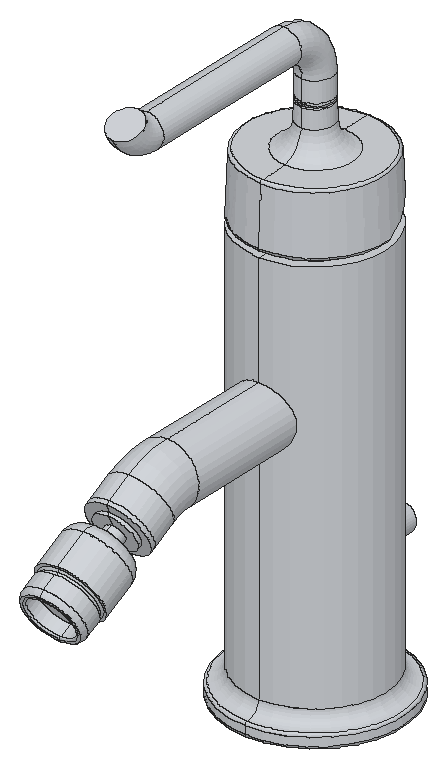
Revit family "Faucet-Bidet-KOHLER-Purist-14434W_1", category Plumbing Fixtures, host Face, Revit 2017
Family settings
  Host = Face
  Round Connector Dimension = Use Diameter
  Part Type = Normal
  OmniClass Number = 23.31.11.00
  OmniClass Title = Faucets
  Cut with Voids When Loaded = No
  Shared = No
  Room Calculation Point = No
Parameters (values of type "Smile Handle, CP-Polished Chrome")
  Width = 2 1/4"  # constant formula
  WaterSense Certified = 1 = 0  # no
  Waste Water Outlet = "Waste Water Outlet"  # constant formula
  Waste Connection = 1 = 0  # no
  Vent Connection = 1 = 0  # no
  URL = "https://www.kohler.co.uk/"
  Type = 1
  Straight Handle = Type = 2  # no
  Spout Reach = 4 1/4"  # constant formula
  Smile Handle = Type = 1  # yes
  Product Page URL = "https://www.kohler.co.uk/taps/bidet-mixers/purist-single-lever-monobloc-bidet-mixer-smile-handle/"
  Product Name = "Purist"  # constant formula
  Product Documentation Link = ""
  Pressure = 0.00 psi
  Model = if(Type = 1, "14434W-4-CP", if(Type = 2, "14434W-4A-CP", "NA"))  # "14434W-4-CP"
  Material = "Brass Construction"  # constant formula
  Master Format 2014 = "22.41.39"  # constant formula
  Master Format 2014 Name = "Residential Faucets, Supplies, and Trim"  # constant formula
  Manufacturer Address = "Cromwell Road, Cheltenham, Gloucestershire. GL52 5EP Registered in England No. 252115\r\n"  # constant formula
  Manufacturer = "KOHLER Co."  # constant formula
  Length = Spout Reach  # 4 1/4"
  Hot Water Inlet = "Hot Water Inlet"  # constant formula
  Height = 8"  # constant formula
  Handle Clearance = if(Straight Handle, 3 1/8", 3 1/16")  # 3 1/16"
  HW Connection = 1 = 1  # yes
  Flow Rate = 0 GPM
  Finish = Kohler-Metal-CP-Polished_Chrome
  Environmental Product Declaration = ""
  Drain Included = 1 = 1  # yes
  Description = if(Straight Handle, "Single-lever monobloc bidet mixer, straight handle", "Single-lever monobloc bidet mixer, smile handle")  # "Single-lever monobloc bidet mixer, smile handle"
  Default Elevation = 36"
  Declare Label = ""
  Date Modified = "07/28/2020"  # constant formula
  Date Created = "07/28/2020"  # constant formula
  Copyright = "Copyright KOHLER Co."  # constant formula
  Contact Us = "https://www.kohler.co.uk/support/contact/"
  Cold Water Inlet = "Cold Water Inlet"  # constant formula
  CW Connection = 1 = 1  # yes
  Assembly Code = "D2010"
  ADA Compliant = 1 = 0  # no
Types (3): name | Type | Straight Handle | Smile Handle | Product Page URL | Model | Handle Clearance | Description
  (no name) | 1 | no | yes | "https://www.kohler.co.uk/taps/bidet-mixers/purist-single-lever-monobloc-bidet-mixer-smile-handle/" | "14434W-4-CP" | 3 1/16" | "Single-lever monobloc bidet mixer, smile handle"
  Straight Handle, CP-Polished Chrome | 2 | yes | no | "https://www.kohler.co.uk/taps/bidet-mixers/purist-single-lever-monobloc-bidet-mixer-straight-handle/" | "14434W-4A-CP" | 3 1/8" | "Single-lever monobloc bidet mixer, straight handle"
  Smile Handle, CP-Polished Chrome | 1 | no | yes | "https://www.kohler.co.uk/taps/bidet-mixers/purist-single-lever-monobloc-bidet-mixer-smile-handle/" | "14434W-4-CP" | 3 1/16" | "Single-lever monobloc bidet mixer, smile handle"
Reference planes (in)
  plane 1 "Center (Front/Back)": y = 0
  plane 2: z = 0
  plane 3 "Center (Left/Right)": x = 0
  plane 4: y = -1.0625
  plane 5: y = 1.06195
  plane 6: x = -1.125
  plane 7: x = 1.125
  plane 8: z = 2.375
  plane 9: y = -4.25
  plane 10: z = 8
  plane 11: y = -3.0625
  plane 12: y = 1.39
  plane 13: y = 1.125
  plane 14: y = -4.44219
  plane 15: x = -0.40605
  plane 16: x = 0.40605
  plane 17: x = -0.21977
  plane 18: x = 0.21977
  plane 19: z = 0.17048
  plane 20: x = -0.91003
  plane 21: x = 0.91003
  plane 22: z = 6.32845
  plane 23: y = -1.125
  plane 24: y = 0.91051
  plane 25: y = -0.91051
  plane 26: z = 3.199
  plane 27: z = 4.011
  plane 28: z = 5.45506
  plane 29: x = -0.33336
  plane 30: x = 0.33336
Dimensions and locks (in)
  "Width": plane 6 to plane 7
  "Length": plane 9 to plane 1 "Center (Front/Back)"
  level to plane 8 = 2 3/8"
  "Height": plane 10 to level
  "Handle Clearance": plane 1 "Center (Front/Back)" to plane 11
  "Spout Reach": plane 1 "Center (Front/Back)" to plane 9
  aligned and locked: plane 2 to host face
  aligned and locked: level to host face
Automatic sketch dimensions
  host sketch curve to host sketch curve = 96"  (x2)
Nested families (in)
  nested 1: "14434W" at (0, 0, 0), type "14434W"
Connectors (in)
  piping at (-0.33336, 0, 0), diameter 0.375, driven by "Flow Rate", driven by "Pressure", driven by "HW Connection", driven by "Hot Water Inlet"
    settings: on nested 1, index 1, connector inside diameter 24", connector length 0", flow factor 0, pipe flow 0 GPM, pressure drop 0.00 psi, fitting loss kfactor 0, connector angle 0.00°, fixture units 0, engagement length 0", angle of deflection 0.00°, flow configuration 0, flow direction 1, fitting loss method 0, system type 19, joint type 0, gender type 0, connector reference index -1, connector utility 1, adjustable connector no, is connector primary yes, connector description "Hot Water Inlet"
  piping at (0.33336, 0, 0), diameter 0.375, driven by "Cold Water Inlet", driven by "CW Connection", driven by "Flow Rate"
    settings: on nested 1, index 2, connector inside diameter 24", connector length 0", flow factor 0, pipe flow 0 GPM, pressure drop 0.00 psi, fitting loss kfactor 0, connector angle 0.00°, fixture units 0, engagement length 0", angle of deflection 0.00°, flow configuration 0, flow direction 1, fitting loss method 0, system type 20, joint type 0, gender type 0, connector reference index -1, connector utility 1, adjustable connector no, is connector primary no, connector description "Cold Water Inlet"
Definition of nested family "14434W"
  Parameters (values of type "14434W")
    straight lever handle = no
    smile design handle = yes
    Material = none
  Reference planes (in)
    plane 1 "Center (Front/Back)": y = 0
    plane 2: z = 0
    plane 3 "Center (Left/Right)": x = 0
    plane 4: y = 1.125
    plane 5: x = 1.125
    plane 6: x = -1.125
    plane 7: y = -1.125
    plane 8: y = -4.25
    plane 9: z = 2.375
    plane 10: z = 8
    plane 11: z = 2.70239
    plane 12: y = 1.39
    plane 13: y = -3.0625
    plane 14: x = -0.33336
  Forms (in)
    Revolve 1, solid, material <- "Material", detail levels medium+fine
      sketch origin (0, 0, 0) x (0, 1, 0) y (0, 0, 1)
        loop
          line (0, 5.785) -> (0, 0) -> (1.09375, 0)
          arc (1.09375, 0) -> (1.11585, 0.00915) -> (1.125, 0.03125) r 0.03125
          line (1.125, 0.03125) -> (1.125, 0.13874)
          arc (1.125, 0.13874) -> (1.11534, 0.16154) -> (1.09225, 0.17048) r 0.03176
          arc (1.09225, 0.17048) -> (0.96373, 0.22022) -> (0.91, 0.34712) r 0.17672
          line (0.91, 0.34712) -> (0.91, 5.455) -> (0.7776, 5.455)
          arc (0.7776, 5.455) -> (0.73342, 5.4733) -> (0.71512, 5.51747) r 0.06247
          line (0.71512, 5.51747) -> (0.71512, 5.77456) -> (0.68098, 5.785) -> (0, 5.785)
        axis (0, 5.785) -> (0, 0)
      angle from 0 to 360
    Revolve 2, solid, material <- "Material", detail levels medium+fine
      sketch origin (0, 0, 0) x (0, 1, 0) y (0, 0, 1)
        loop
          line (-0.88021, 5.52346) -> (0, 5.52346) -> (0, 6.95624) -> (-0.21977, 6.95624) -> (-0.21977, 6.92457)
          arc (-0.21977, 6.92457) -> (-0.21372, 6.90977) -> (-0.19903, 6.90346) r 0.02111
          arc (-0.19903, 6.90346) -> (-0.21348, 6.89779) -> (-0.21972, 6.88357) r 0.02034
          line (-0.21972, 6.88357) -> (-0.22473, 6.65683)
          arc (-0.22473, 6.65683) -> (-0.29611, 6.45225) -> (-0.47398, 6.32851) r 0.35115
          line (-0.47398, 6.32851) -> (-0.85016, 6.32851)
          arc (-0.85016, 6.32851) -> (-0.87263, 6.31943) -> (-0.88248, 6.2973) r 0.03234
          line (-0.88248, 6.2973) -> (-0.90848, 5.55274)
          arc (-0.90848, 5.55274) -> (-0.90056, 5.5321) -> (-0.88021, 5.52346) r 0.02829
        axis (0, 6.95624) -> (0, 5.52346)
      angle from 0 to 360
    Sweep 3, solid, material <- "Material", visible <- "straight lever handle", detail levels medium+fine
      path origin (0, 0.13592, 0) x (0, 1, 0) y (0, 0, 1)
        loop
          line (-0.13592, 6.95624) -> (-0.13592, 7.21886)
          arc (-0.13592, 7.21886) -> (-0.30067, 7.6166) -> (-0.69842, 7.78136) r 0.5625
          line (-0.69842, 7.78136) -> (-3.26092, 7.78136)
      profile origin (0, 0, 7.08755) x (0, -1, 0) y (1, 0, 0)
        loop
          circle (0, 0) r 0.21977
    Revolve 4, solid, material <- "Material", detail levels medium+fine
      sketch origin (0, 0, 0) x (0, 1, 0) y (0, 0, 1)
        loop
          line (0.18545, 1.453) -> (1.33993, 1.453)
          arc (1.33993, 1.453) -> (1.35285, 1.53104) -> (1.39, 1.60088) r 0.2446
          line (1.39, 1.60088) -> (1.39, 1.6405) -> (0.18545, 1.6405) -> (0.18545, 1.453)
        axis (1.39, 1.453) -> (0.18545, 1.453)
      angle from 0 to 360
    Revolve 5, solid, material <- "Material", detail levels medium+fine
      sketch origin (0, 0, 0) x (0, 1, 0) y (0, 0, 1)
        loop
          line (-4.09395, 2.83577) -> (-3.128, 3.33861) -> (-3.31547, 3.69874) -> (-3.36869, 3.67103) -> (-3.31109, 3.56038) -> (-3.35267, 3.53873) -> (-3.28004, 3.39922) -> (-3.36211, 3.3565) -> (-3.39926, 3.36808) -> (-3.41408, 3.39655) -> (-3.46133, 3.40068) -> (-3.48101, 3.4385)
          arc (-3.48101, 3.4385) -> (-3.59, 3.52996) -> (-3.73173, 3.51756) r 0.18589
          line (-3.73173, 3.51756) -> (-4.14873, 3.30048) -> (-4.13187, 3.26811) -> (-4.14037, 3.23284) -> (-4.18183, 3.20381) -> (-4.19751, 3.23394) -> (-4.38263, 3.13757)
          arc (-4.38263, 3.13757) -> (-4.41838, 3.10972) -> (-4.44187, 3.07096) r 0.1252
          line (-4.44187, 3.07096) -> (-4.42501, 3.03859)
          arc (-4.42501, 3.03859) -> (-4.41291, 3.02843) -> (-4.39718, 3.02981) r 0.02064
          line (-4.39718, 3.02981) -> (-4.23808, 3.11263) -> (-4.09395, 2.83577)
        axis (-3.128, 3.33861) -> (-4.27136, 2.74342)
      angle from 0 to 360
    Sweep 6, solid, material <- "Material", detail levels medium+fine
      path origin (0, 0, 0) x (0, 1, 0) y (0, 0, 1)
        loop
          line (-0.725, 3.605) -> (-2.38622, 3.605)
          arc (-2.38622, 3.605) -> (-2.60968, 3.57806) -> (-2.82033, 3.49877) r 0.94015
          line (-2.82033, 3.49877) -> (-3.128, 3.33861)
      profile origin (0, -2.97416, 3.41869) x (0, -0.461749, 0.887011) y (1, 0, 0)
        loop
          circle (0, 0) r 0.406
    Revolve 7, solid, material <- "Material", detail levels medium+fine
      sketch origin (0, 0, 0) x (0, 1, 0) y (0, 0, 1)
        loop
          line (0.49373, 6.10346) -> (0.91478, 6.10346)
          arc (0.91478, 6.10346) -> (0.91055, 6.18051) -> (0.89778, 6.25661) r 0.69394
          arc (0.89778, 6.25661) -> (0.87367, 6.27379) -> (0.85394, 6.25173) r 0.02219
          line (0.85394, 6.25173) -> (0.85394, 6.21276) -> (0.49373, 6.21276) -> (0.49373, 6.10346)
        axis (0.91478, 6.10346) -> (0.49373, 6.10346)
      angle from 0 to 360
    Extrusion 8, void
      sketch origin (0, 0, 0) x (1, 0, 0) y (0, 0, 1)
        loop
          circle (0.00004, 6.10377) r 0.18133
        loop
          line (0.203, 1.45135) -> (0.203, 3.17132)
          arc (0.203, 3.17132) -> (0, 3.37432) -> (-0.203, 3.17132) r 0.203
          line (-0.203, 3.17132) -> (-0.203, 1.45135)
          arc (-0.203, 1.45135) -> (0, 1.24835) -> (0.203, 1.45135) r 0.203
      from -0.97642 to -0.4265
    Extrusion 9, void
      sketch origin (0, 0, 0) x (0, 1, 0) y (0, 0, 1)
        loop
          line (0.95087, 5.81346) -> (0.68334, 5.81346)
          arc (0.68334, 5.81346) -> (0.65205, 5.81018) -> (0.62213, 5.80045) r 0.15048
          line (0.62213, 5.80045) -> (-0.15377, 5.455) -> (0.95087, 5.455) -> (0.95087, 5.81346)
      from -1.1027 to 0.96308
    Revolve 10, solid, material <- "Material", detail levels coarse
      sketch origin (0, 0, 0) x (0, 1, 0) y (0, 0, 1)
        loop
          line (0, 6.32851) -> (0, 0) -> (1.125, 0) -> (1.125, 0.17054) -> (0.91, 0.17054) -> (0.91, 6.32851) -> (0, 6.32851)
        axis (0, 6.32851) -> (0, 0)
      angle from 0 to 360
    Revolve 11, solid, material <- "Material", detail levels coarse
      sketch origin (0, 0, 0) x (0, 1, 0) y (0, 0, 1)
        loop
          line (1.39, 1.453) -> (1.39, 1.6405) -> (0.56041, 1.6405) -> (0.56041, 1.453) -> (1.39, 1.453)
        axis (1.39, 1.453) -> (0.56041, 1.453)
      angle from 0 to 360
    Sweep 12, solid, material <- "Material", detail levels coarse
      path origin (0, 0, 0) x (0, 1, 0) y (0, 0, 1)
        loop
          line (-4.27136, 2.74342) -> (-2.88098, 3.4672)
          arc (-2.88098, 3.4672) -> (-2.62349, 3.56411) -> (-2.35036, 3.59704) r 1.14915
          line (-2.35036, 3.59704) -> (-0.49203, 3.59704)
      profile origin (0, -2.35036, 3.59704) x (0, 0, -1) y (1, 0, 0)
        loop
          circle (0, 0) r 0.40592
    Sweep 13, solid, material <- "Material", visible <- "straight lever handle", detail levels coarse
      path origin (0, 0, 0) x (0, 1, 0) y (0, 0, 1)
        loop
          line (-3.11408, 7.78023) -> (0, 7.78023) -> (0, 6.32851)
      profile origin (0, -1.55704, 7.78023) x (0, 0, 1) y (1, 0, 0)
        loop
          circle (0, 0) r 0.21987
    Extrusion 14, solid, material <- "Material", detail levels medium+fine
      sketch origin (0, 0, 0) x (1, 0, 0) y (0, 1, 0)
        loop
          circle (-0.33336, 0) r 0.12026
        loop
          circle (0.33336, 0) r 0.12026
      from 0 to 0.03848
    Sweep 15, solid, material <- "Material", visible <- "smile design handle", detail levels medium+fine
      path origin (0, 0, 0) x (0, 1, 0) y (0, 0, 1)
        loop
          line (0, 6.95624) -> (0, 7.21886)
          arc (0, 7.21886) -> (-0.14645, 7.57241) -> (-0.5, 7.71886) r 0.5
          line (-0.5, 7.71886) -> (-2.72404, 7.71886)
          arc (-2.72404, 7.71886) -> (-2.9241, 7.77666) -> (-3.0625, 7.93225) r 0.3751
      profile origin (0, -1.61202, 7.71886) x (0, 0, 1) y (1, 0, 0)
        loop
          circle (0, 0) r 0.21977
    Sweep 16, solid, material <- "Material", visible <- "smile design handle", detail levels coarse
      path origin (0, 0, 0) x (0, 1, 0) y (0, 0, 1)
        loop
          line (0, 6.32851) -> (0, 7.21886)
          arc (0, 7.21886) -> (-0.14645, 7.57241) -> (-0.5, 7.71886) r 0.5
          line (-0.5, 7.71886) -> (-2.72404, 7.71886)
          arc (-2.72404, 7.71886) -> (-2.9241, 7.77666) -> (-3.0625, 7.93225) r 0.3751
      profile origin (0, 0, 6.77368) x (0, -1, 0) y (1, 0, 0)
        loop
          circle (0, 0) r 0.21987
  Cuts and joins
    Extrusion 8 cuts Revolve 1
    Extrusion 8, Extrusion 9 cuts Revolve 2
    joined: Revolve 1, Revolve 2, Revolve 4, Revolve 5, Sweep 6, Revolve 7
    joined: Revolve 10, Revolve 11, Sweep 12
  Lines and regions (in)
    Masking region 1
      outline origin (0, 0, 0) x (0, 1, 0) y (0, 0, 1)
        loop
          arc (-1.125, 0.03131) -> (-1.11585, 0.00921) -> (-1.09375, 0.00006) r 0.03125
          line (-1.09375, 0.00006) -> (1.09375, 0.00006)
          arc (1.09375, 0.00006) -> (1.11585, 0.00921) -> (1.125, 0.03131) r 0.03125
          line (1.125, 0.03131) -> (1.125, 0.1388)
          arc (1.125, 0.1388) -> (1.11534, 0.1616) -> (1.09225, 0.17054) r 0.03176
          arc (1.09225, 0.17054) -> (0.96373, 0.22028) -> (0.91, 0.34718) r 0.17672
          line (0.91, 0.34718) -> (0.91, 1.2655) -> (1.39, 1.2655) -> (1.39, 1.6405) -> (0.88707, 1.6405) -> (0.88707, 3.17132)
          arc (0.88707, 3.17132) -> (0.89282, 3.27344) -> (0.91, 3.37426) r 0.9095
          line (0.91, 3.37426) -> (0.91, 5.45506) -> (0.7776, 5.45506)
          arc (0.7776, 5.45506) -> (0.73342, 5.47336) -> (0.71512, 5.51754) r 0.06247
          line (0.71512, 5.51754) -> (0.71512, 5.77462) -> (0.68098, 5.78506) -> (0.58755, 5.78506) -> (0.62213, 5.80045)
          arc (0.62213, 5.80045) -> (0.65205, 5.81018) -> (0.68334, 5.81346) r 0.15048
          line (0.68334, 5.81346) -> (0.89938, 5.81346) -> (0.89506, 5.93712)
          arc (0.89506, 5.93712) -> (0.89838, 5.95214) -> (0.90138, 5.96723) r 0.73586
          arc (0.90138, 5.96723) -> (0.91404, 6.0984) -> (0.90311, 6.22973) r 0.73586
          arc (0.90311, 6.22973) -> (0.89637, 6.24828) -> (0.88367, 6.26339) r 0.05649
          line (0.88367, 6.26339) -> (0.88248, 6.2973)
          arc (0.88248, 6.2973) -> (0.87263, 6.31943) -> (0.85016, 6.32851) r 0.03234
          line (0.85016, 6.32851) -> (0.47398, 6.32851)
          arc (0.47398, 6.32851) -> (0.29611, 6.45225) -> (0.22473, 6.65683) r 0.35115
          line (0.22473, 6.65683) -> (0.21972, 6.88357)
          arc (0.21972, 6.88357) -> (0.21348, 6.89779) -> (0.19903, 6.90346) r 0.02034
          line (0.19903, 6.90346) -> (-0.19903, 6.90346)
          arc (-0.19903, 6.90346) -> (-0.21348, 6.89779) -> (-0.21972, 6.88357) r 0.02034
          line (-0.21972, 6.88357) -> (-0.22473, 6.65683)
          arc (-0.22473, 6.65683) -> (-0.29611, 6.45225) -> (-0.47398, 6.32851) r 0.35115
          line (-0.47398, 6.32851) -> (-0.85016, 6.32851)
          arc (-0.85016, 6.32851) -> (-0.87263, 6.31943) -> (-0.88248, 6.2973) r 0.03234
          line (-0.88248, 6.2973) -> (-0.90848, 5.55274)
          arc (-0.90848, 5.55274) -> (-0.90056, 5.5321) -> (-0.88021, 5.52346) r 0.02829
          line (-0.88021, 5.52346) -> (-0.71541, 5.52346)
          arc (-0.71541, 5.52346) -> (-0.73137, 5.47551) -> (-0.7776, 5.45506) r 0.06247
          line (-0.7776, 5.45506) -> (-0.91, 5.45506) -> (-0.91, 4.011) -> (-2.39174, 4.011)
          arc (-2.39174, 4.011) -> (-2.70633, 3.97307) -> (-3.0029, 3.86145) r 1.32357
          line (-3.0029, 3.86145) -> (-3.36869, 3.67103) -> (-3.31109, 3.56038) -> (-3.35267, 3.53873) -> (-3.28004, 3.39922) -> (-3.36211, 3.3565) -> (-3.39926, 3.36808) -> (-3.41408, 3.39655) -> (-3.46133, 3.40068) -> (-3.48101, 3.4385)
          arc (-3.48101, 3.4385) -> (-3.59, 3.52996) -> (-3.73173, 3.51756) r 0.18589
          line (-3.73173, 3.51756) -> (-4.14873, 3.30048) -> (-4.13187, 3.26811) -> (-4.14037, 3.23284) -> (-4.18183, 3.20381) -> (-4.19751, 3.23394) -> (-4.38263, 3.13757)
          arc (-4.38263, 3.13757) -> (-4.41838, 3.10972) -> (-4.44187, 3.07096) r 0.1252
          line (-4.44187, 3.07096) -> (-4.26293, 2.72723) -> (-4.10085, 2.41587)
          arc (-4.10085, 2.41587) -> (-4.05563, 2.41288) -> (-4.01231, 2.42619) r 0.1252
          line (-4.01231, 2.42619) -> (-3.82719, 2.52255) -> (-3.84287, 2.55268) -> (-3.79531, 2.56999) -> (-3.76155, 2.55672) -> (-3.7447, 2.52435) -> (-3.3277, 2.74142)
          arc (-3.3277, 2.74142) -> (-3.23625, 2.85041) -> (-3.24865, 2.99214) r 0.18589
          line (-3.24865, 2.99214) -> (-3.26834, 3.02996) -> (-3.24462, 3.07103) -> (-3.25945, 3.0995) -> (-3.24762, 3.13658) -> (-3.16556, 3.1793) -> (-3.09293, 3.03979) -> (-3.05135, 3.06143) -> (-2.99375, 2.95078) -> (-2.63254, 3.13881)
          arc (-2.63254, 3.13881) -> (-2.51319, 3.18373) -> (-2.38658, 3.199) r 0.53267
          line (-2.38658, 3.199) -> (-0.91, 3.199) -> (-0.91, 0.34718)
          arc (-0.91, 0.34718) -> (-0.96373, 0.22028) -> (-1.09225, 0.17054) r 0.17672
          arc (-1.09225, 0.17054) -> (-1.11534, 0.1616) -> (-1.125, 0.1388) r 0.03176
          line (-1.125, 0.1388) -> (-1.125, 0.03131)
    Masking region 2
      outline origin (0, 0, 0) x (1, 0, 0) y (0, 0, 1)
        loop
          line (1.125, 0.03125) -> (1.125, 0.13874)
          arc (1.125, 0.13874) -> (1.11534, 0.16154) -> (1.09225, 0.17048) r 0.03176
          arc (1.09225, 0.17048) -> (0.96373, 0.22022) -> (0.91, 0.34712) r 0.17672
          line (0.91, 0.34712) -> (0.91, 3.94347) -> (0.91, 5.455) -> (0.77746, 5.455)
          arc (0.77746, 5.455) -> (0.73123, 5.47545) -> (0.71526, 5.5234) r 0.06247
          line (0.71526, 5.5234) -> (0.88007, 5.5234)
          arc (0.88007, 5.5234) -> (0.90042, 5.53204) -> (0.90834, 5.55268) r 0.02829
          line (0.90834, 5.55268) -> (0.88234, 6.29724)
          arc (0.88234, 6.29724) -> (0.87249, 6.31937) -> (0.85002, 6.32845) r 0.03234
          line (0.85002, 6.32845) -> (0.47384, 6.32845)
          arc (0.47384, 6.32845) -> (0.29597, 6.45219) -> (0.22459, 6.65677) r 0.35115
          line (0.22459, 6.65677) -> (0.21958, 6.88351)
          arc (0.21958, 6.88351) -> (0.21334, 6.89773) -> (0.19889, 6.9034) r 0.02034
          line (0.19889, 6.9034) -> (-0.19917, 6.9034)
          arc (-0.19917, 6.9034) -> (-0.21362, 6.89773) -> (-0.21986, 6.88351) r 0.02034
          line (-0.21986, 6.88351) -> (-0.22487, 6.65677)
          arc (-0.22487, 6.65677) -> (-0.29625, 6.45219) -> (-0.47412, 6.32845) r 0.35115
          line (-0.47412, 6.32845) -> (-0.8503, 6.32845)
          arc (-0.8503, 6.32845) -> (-0.87277, 6.31937) -> (-0.88262, 6.29724) r 0.03234
          line (-0.88262, 6.29724) -> (-0.90862, 5.55269)
          arc (-0.90862, 5.55269) -> (-0.90042, 5.53204) -> (-0.88007, 5.5234) r 0.02829
          line (-0.88007, 5.5234) -> (-0.71555, 5.5234)
          arc (-0.71555, 5.5234) -> (-0.73151, 5.47545) -> (-0.77774, 5.455) r 0.06247
          line (-0.77774, 5.455) -> (-0.91, 5.455) -> (-0.91, 1.1543) -> (-0.91, 0.34712)
          arc (-0.91, 0.34712) -> (-0.96373, 0.22022) -> (-1.09225, 0.17048) r 0.17672
          arc (-1.09225, 0.17048) -> (-1.11534, 0.16154) -> (-1.125, 0.13874) r 0.03176
          line (-1.125, 0.13874) -> (-1.125, 0.03125)
          arc (-1.125, 0.03125) -> (-1.11585, 0.00915) -> (-1.09375, 0) r 0.03125
          line (-1.09375, 0) -> (1.09375, 0)
          arc (1.09375, 0) -> (1.11585, 0.00915) -> (1.125, 0.03125) r 0.03125
    Masking region 3
      outline origin (0, 0, 0) x (1, 0, 0) y (0, 1, 0)
        loop
          arc (-1.125, -0.08913) -> (-0.90458, -0.67477) -> (-0.40605, -1.05295) r 1.12853
          line (-0.40605, -1.05295) -> (-0.40605, -3.17924)
          arc (-0.40605, -3.17924) -> (-0.3997, -3.21413) -> (-0.38148, -3.24457) r 0.09915
          arc (-0.38148, -3.24457) -> (-0.34545, -3.27857) -> (-0.30363, -3.30513) r 0.26069
          arc (-0.30363, -3.30513) -> (-0.34823, -3.33951) -> (-0.38633, -3.38098) r 0.3294
          arc (-0.38633, -3.38098) -> (-0.42437, -3.45179) -> (-0.43752, -3.53109) r 0.24565
          line (-0.43752, -3.53109) -> (-0.43752, -3.94545)
          arc (-0.43752, -3.94545) -> (-0.42802, -3.99033) -> (-0.40114, -4.0275) r 0.1107
          line (-0.40114, -4.0275) -> (-0.40114, -4.19399)
          arc (-0.40114, -4.19399) -> (-0.38644, -4.26874) -> (-0.34453, -4.33235) r 0.19736
          arc (-0.34453, -4.33235) -> (-0.28009, -4.38215) -> (-0.20464, -4.4128) r 0.30031
          arc (-0.20464, -4.4128) -> (-0.10311, -4.43291) -> (0, -4.44187) r 0.95134
          arc (0, -4.44187) -> (0.10311, -4.43291) -> (0.20464, -4.4128) r 0.95134
          arc (0.20464, -4.4128) -> (0.28009, -4.38215) -> (0.34453, -4.33235) r 0.30031
          arc (0.34453, -4.33235) -> (0.38644, -4.26874) -> (0.40114, -4.19399) r 0.19736
          line (0.40114, -4.19399) -> (0.40114, -4.0275)
          arc (0.40114, -4.0275) -> (0.42802, -3.99033) -> (0.43752, -3.94545) r 0.1107
          line (0.43752, -3.94545) -> (0.43752, -3.53109)
          arc (0.43752, -3.53109) -> (0.42437, -3.45179) -> (0.38633, -3.38098) r 0.24565
          arc (0.38633, -3.38098) -> (0.34823, -3.33951) -> (0.30363, -3.30513) r 0.3294
          arc (0.30363, -3.30513) -> (0.34545, -3.27857) -> (0.38148, -3.24457) r 0.26069
          arc (0.38148, -3.24457) -> (0.3997, -3.21413) -> (0.40605, -3.17924) r 0.09915
          line (0.40605, -3.17924) -> (0.40605, -1.05295)
          arc (0.40605, -1.05295) -> (0.90458, -0.67477) -> (1.125, -0.08913) r 1.12853
          line (1.125, -0.08913) -> (1.125, 0.08913)
          arc (1.125, 0.08913) -> (0.83226, 0.76218) -> (0.1875, 1.11284) r 1.12853
          line (0.1875, 1.11284) -> (0.1875, 1.39) -> (-0.1875, 1.39) -> (-0.1875, 1.11284)
          arc (-0.1875, 1.11284) -> (-0.83226, 0.76218) -> (-1.125, 0.08913) r 1.12853
          line (-1.125, 0.08913) -> (-1.125, -0.08913)
    Masking region 4, visible <- "straight lever handle"
      outline origin (0, 0, 0) x (0, 1, 0) y (0, 0, 1)
        loop
          line (-0.21977, 7.22182) -> (-0.21977, 6.92457)
          arc (-0.21977, 6.92457) -> (-0.21372, 6.90977) -> (-0.19903, 6.90346) r 0.02111
          line (-0.19903, 6.90346) -> (0.19903, 6.90346)
          arc (0.19903, 6.90346) -> (0.21372, 6.90977) -> (0.21977, 6.92457) r 0.02111
          line (0.21977, 6.92457) -> (0.21977, 7.21676)
          arc (0.21977, 7.21676) -> (-0.00963, 7.77059) -> (-0.56347, 8) r 0.78324
          line (-0.56347, 8) -> (-3.125, 8) -> (-3.125, 7.56045) -> (-0.55841, 7.56045)
          arc (-0.55841, 7.56045) -> (-0.31896, 7.46127) -> (-0.21977, 7.22182) r 0.33864
    Masking region 5, visible <- "smile design handle"
      outline origin (0, 0, 0) x (0, 1, 0) y (0, 0, 1)
        loop
          line (-0.21977, 7.1266) -> (-0.21977, 6.92457)
          arc (-0.21977, 6.92457) -> (-0.21372, 6.90977) -> (-0.19903, 6.90346) r 0.02111
          line (-0.19903, 6.90346) -> (0.19903, 6.90346)
          arc (0.19903, 6.90346) -> (0.21372, 6.90977) -> (0.21977, 6.92457) r 0.02111
          line (0.21977, 6.92457) -> (0.21977, 7.12155)
          arc (0.21977, 7.12155) -> (-0.00963, 7.67538) -> (-0.56347, 7.90479) r 0.78324
          line (-0.56347, 7.90479) -> (-2.71923, 7.90479)
          arc (-2.71923, 7.90479) -> (-2.8015, 7.93101) -> (-2.85343, 8) r 0.14218
          line (-2.85343, 8) -> (-3.27157, 7.86451)
          arc (-3.27157, 7.86451) -> (-3.07231, 7.57617) -> (-2.73984, 7.46524) r 0.55371
          line (-2.73984, 7.46524) -> (-0.55841, 7.46524)
          arc (-0.55841, 7.46524) -> (-0.31896, 7.36606) -> (-0.21977, 7.1266) r 0.33864
    Masking region 6, visible <- "straight lever handle"
      outline origin (0, 0, 0) x (1, 0, 0) y (0, 0, 1)
        loop
          arc (0.21969, 7.78166) -> (0.16378, 7.92811) -> (0.02452, 8.00005) r 0.21977
          line (0.02452, 8.00005) -> (-0.02469, 8.00005)
          arc (-0.02469, 8.00005) -> (-0.16396, 7.92811) -> (-0.21986, 7.78166) r 0.21977
          line (-0.21986, 7.78166) -> (-0.21986, 6.92457)
          arc (-0.21986, 6.92457) -> (-0.2138, 6.90977) -> (-0.19911, 6.90345) r 0.02111
          line (-0.19911, 6.90345) -> (0.19894, 6.90345)
          arc (0.19894, 6.90345) -> (0.21363, 6.90977) -> (0.21969, 6.92457) r 0.02111
          line (0.21969, 6.92457) -> (0.21969, 7.78166)
    Masking region 7, visible <- "smile design handle"
      outline origin (0, 0, 0) x (1, 0, 0) y (0, 0, 1)
        loop
          spline (0.21968, 7.9354) -> (0.21758, 7.94301) -> (0.21273, 7.95049) -> (0.20517, 7.95776) -> (0.19501, 7.96471) -> (0.18238, 7.97127) -> (0.16743, 7.97736) -> (0.15036, 7.98288) -> (0.13138, 7.98778) -> (0.11074, 7.99199) -> (0.08869, 7.99546) -> (0.06551, 7.99814) -> (0.04151, 8)
          line (0.04151, 8) -> (-0.04151, 8)
          spline (-0.04151, 8) -> (-0.06601, 7.99809) -> (-0.08964, 7.99533) -> (-0.11209, 7.99175) -> (-0.13305, 7.98739) -> (-0.15225, 7.98233) -> (-0.16944, 7.97662) -> (-0.18439, 7.97033) -> (-0.1969, 7.96356) -> (-0.20681, 7.9564) -> (-0.21398, 7.94893) -> (-0.21832, 7.94125) -> (-0.21986, 7.93347)
          line (-0.21986, 7.93347) -> (-0.21986, 6.92446)
          arc (-0.21986, 6.92446) -> (-0.21381, 6.90966) -> (-0.19912, 6.90335) r 0.02111
          line (-0.19912, 6.90335) -> (0.20078, 6.90346)
          arc (0.20078, 6.90346) -> (0.21426, 6.91033) -> (0.21968, 6.92446) r 0.02111
          line (0.21968, 6.92446) -> (0.21968, 7.9354)
    symbolic lines, detail levels medium+fine
      curve 1: line (-0.1875, 1.11284, 0) -> (-0.1875, 0.89047, 0)
      curve 2: line (0.1875, 1.11284, 0) -> (0.1875, 0.89047, 0)
      curve 3: line (-0.40605, -1.05295, 0) -> (-0.40605, -0.81439, 0)
      curve 4: line (0.40605, -1.05295, 0) -> (0.40605, -0.81439, 0)
      curve 5: arc (-0.30363, -3.30513, 0) -> (0, -3.36869, 0) -> (0.30363, -3.30513, 0) r 0.75703
      curve 6: arc (-0.23466, -4.11691, 0) -> (-0.00044, -4.14987, 0) -> (0.23378, -4.11691, 0) r 0.84883
      curve 7: arc (-0.24661, -4.15852, 0) -> (-0.00044, -4.19751, 0) -> (0.24572, -4.15852, 0) r 0.79654
      curve 8: arc (-0.21064, -4.15083, 0) -> (0.00132, -4.18172, 0) -> (0.21329, -4.15083, 0) r 0.74251
      curve 9: arc (-0.40114, -4.0275, 0) -> (-0.32269, -4.08112, 0) -> (-0.23466, -4.11691, 0) r 0.4463
      curve 10: arc (0.23378, -4.11691, 0) -> (0.3222, -4.08107, 0) -> (0.40114, -4.0275, 0) r 0.45278
      curve 11: arc (0.21329, -4.15083, 0) -> (0.2845, -4.11856, 0) -> (0.34444, -4.06837, 0) r 0.28854
      curve 12: arc (0.24572, -4.15852, 0) -> (0.30748, -4.1312, 0) -> (0.3624, -4.09189, 0) r 0.33062
      curve 13: arc (0.3624, -4.09189, 0) -> (0.38674, -4.06268, 0) -> (0.40114, -4.0275, 0) r 0.12482
      curve 14: arc (-0.35669, -4.09719, 0) -> (-0.30464, -4.13321, 0) -> (-0.24661, -4.15852, 0) r 0.32666
      curve 15: arc (-0.40114, -4.0275, 0) -> (-0.3842, -4.06571, 0) -> (-0.35669, -4.09719, 0) r 0.13956
      curve 16: arc (-0.34703, -4.06704, 0) -> (-0.28434, -4.1179, 0) -> (-0.21064, -4.15083, 0) r 0.3097
      curve 20: arc (0.21977, -0.84262, 0) -> (0, 0.87081, 0) -> (-0.21977, -0.84262, 0) r 0.87081
      curve 21: arc (-0.15353, 0.89696, 0) -> (0, 0.91567, 0) -> (0.15353, 0.89696, 0) r 0.63921
      curve 22: arc (-0.17065, 0.87461, 0) -> (-0.16601, 0.88878, 0) -> (-0.15353, 0.89696, 0) r 0.02254
      curve 23: arc (0.15353, 0.89696, 0) -> (0.16615, 0.88877, 0) -> (0.17103, 0.87454, 0) r 0.02304
      curve 24: spline (0.17103, 0.87454, 0) -> (0.16396, 0.87569, 0) -> (0.15516, 0.87679, 0) -> (0.14472, 0.87783, 0) -> (0.13277, 0.87879, 0) -> (0.11941, 0.87968, 0) -> (0.1048, 0.88047, 0) -> (0.08908, 0.88116, 0) -> (0.07243, 0.88175, 0) -> (0.055, 0.88222, 0) -> (0.037, 0.88257, 0) -> (0.0186, 0.8828, 0) -> (0, 0.88291, 0)
      curve 25: spline (-0.17065, 0.87461, 0) -> (-0.16351, 0.87575, 0) -> (-0.15467, 0.87684, 0) -> (-0.14421, 0.87787, 0) -> (-0.13225, 0.87883, 0) -> (-0.11891, 0.87971, 0) -> (-0.10434, 0.88049, 0) -> (-0.08867, 0.88118, 0) -> (-0.07208, 0.88176, 0) -> (-0.05473, 0.88223, 0) -> (-0.03681, 0.88258, 0) -> (-0.01851, 0.88281, 0) -> (0, 0.88291, 0)
      curve 26: arc (-0.15353, 0.89696, 0) -> (-0.90937, 0.03384, 0) -> (-0.21977, -0.88306, 0) r 0.91
      curve 27: arc (-0.21977, 0.00095, 0) -> (0, 0.22073, 0) -> (0.21977, 0.00095, 0) r 0.21977
      curve 28: arc (0.21977, -0.41856, 0) -> (0, 0.47275, 0) -> (-0.21977, -0.41856, 0) r 0.47275
      curve 29: arc (0.21977, -0.88306, 0) -> (0.90937, 0.03384, 0) -> (0.15353, 0.89696, 0) r 0.91
      curve 30: spline (-0.17941, -3.34712, 0) -> (-0.16618, -3.36528, 0) -> (-0.14445, -3.3816, 0) -> (-0.11534, -3.39525, 0) -> (-0.08033, -3.40553, 0) -> (-0.04122, -3.41191, 0) -> (0, -3.41408, 0) -> (0.04122, -3.41191, 0) -> (0.08033, -3.40553, 0) -> (0.11534, -3.39525, 0) -> (0.14445, -3.3816, 0) -> (0.16618, -3.36528, 0) -> (0.17941, -3.34712, 0)
      curve 31: spline (-0.14035, -3.35557, 0) -> (-0.12646, -3.36779, 0) -> (-0.10764, -3.37851, 0) -> (-0.08463, -3.38731, 0) -> (-0.05832, -3.39386, 0) -> (-0.02974, -3.3979, 0) -> (0, -3.39926, 0) -> (0.02974, -3.3979, 0) -> (0.05832, -3.39386, 0) -> (0.08463, -3.38731, 0) -> (0.10764, -3.37851, 0) -> (0.12646, -3.36779, 0) -> (0.14035, -3.35557, 0)
      curve 32: spline (-0.20255, -3.34109, 0) -> (-0.20866, -3.3701, 0) -> (-0.19573, -3.39863, 0) -> (-0.16495, -3.42408, 0) -> (-0.11911, -3.44412, 0) -> (-0.0624, -3.45692, 0) -> (0, -3.46133, 0) -> (0.0624, -3.45692, 0) -> (0.11911, -3.44412, 0) -> (0.16495, -3.42408, 0) -> (0.19573, -3.39863, 0) -> (0.20866, -3.3701, 0) -> (0.20255, -3.34109, 0)
      curve 33: line (0, -0.12176, 5.52346) -> (0, -0.71541, 5.52346)
      curve 34: line (0, 0.11123, 5.57299) -> (0, 0.58755, 5.78506)
      curve 35: arc (0, -0.12176, 5.52346) -> (0, -0.00266, 5.53598) -> (0, 0.11123, 5.57299) r 0.57281
      curve 36: line (0, 0.7776, 5.45506) -> (0, -0.7776, 5.45506)
      curve 37: line (0, 0.71512, 5.77456) -> (0, 0.56397, 5.77456)
      curve 38: spline (0, 0.87055, 6.10388) -> (0, 0.87375, 6.08033) -> (0, 0.8769, 6.05718) -> (0, 0.87995, 6.03481) -> (0, 0.88284, 6.01361) -> (0, 0.88554, 5.99394) -> (0, 0.88799, 5.97612) -> (0, 0.89016, 5.96046) -> (0, 0.892, 5.94722) -> (0, 0.89349, 5.93663) -> (0, 0.89459, 5.92887) -> (0, 0.8953, 5.92407) -> (0, 0.89559, 5.92231)
      curve 39: arc (0, 0.88367, 6.26339) -> (0, 0.86843, 6.18435) -> (0, 0.87055, 6.10388) r 0.37205
      curve 40: line (0, 0.88707, 1.6405) -> (0, 0.88707, 1.45135)
      curve 41: arc (0, 0.88707, 1.45135) -> (0, 0.89282, 1.35772) -> (0, 0.91, 1.2655) r 0.76459
      curve 42: line (0, 1.09225, 0.17054) -> (0, -1.09225, 0.17054)
      curve 43: line (0, -0.91, 4.011) -> (0, -0.91, 3.199)
      curve 44: line (0, -3.31109, 3.56038) -> (0, -3.05135, 3.06143)
      curve 45: line (0, -3.28004, 3.39922) -> (0, -3.16556, 3.1793)
      curve 46: line (0, -3.36211, 3.3565) -> (0, -3.24762, 3.13658)
      curve 47: line (0, -3.39926, 3.36808) -> (0, -3.25945, 3.0995)
      curve 48: line (0, -3.46133, 3.40068) -> (0, -3.26834, 3.02996)
      curve 49: line (0, -4.13187, 3.26811) -> (0, -3.76155, 2.55672)
      curve 50: line (0, -4.14037, 3.23284) -> (0, -3.79531, 2.56999)
      curve 51: line (0, -4.18183, 3.20381) -> (0, -3.84287, 2.55268)
      curve 53: line (-0.71479, 0, 5.52347) -> (0.71526, 0, 5.5234)
      curve 54: line (-0.77774, 0, 5.455) -> (0.77746, 0, 5.455)
      curve 55: line (-0.47412, 0, 6.32845) -> (0.47384, 0, 6.32845)
      curve 56: line (-1.09225, 0, 0.17048) -> (1.09225, 0, 0.17048)
      curve 57: line (-0.40649, 0, 3.31382) -> (-0.40649, 0, 3.59848)
      curve 58: line (-0.438, 0, 2.92793) -> (-0.438, 0, 3.13413)
      curve 59: arc (-0.438, 0, 3.13413) -> (-0.42952, 0, 3.21008) -> (-0.40451, 0, 3.2823) r 0.3446
      curve 60: arc (-0.40451, 0, 3.2823) -> (-0.40599, 0, 3.29803) -> (-0.40649, 0, 3.31382) r 0.25274
      curve 61: arc (-0.40649, 0, 3.59848) -> (-0.39128, 0, 3.71145) -> (-0.34673, 0, 3.81637) r 0.42713
      curve 62: arc (-0.39946, 0, 2.75324) -> (-0.42825, 0, 2.83848) -> (-0.438, 0, 2.92793) r 0.41517
      curve 63: arc (-0.29536, 0, 2.52882) -> (-0.03183, 0, 2.41257) -> (0.24563, 0, 2.48985) r 0.42758
      curve 64: arc (-0.39946, 0, 2.75324) -> (-0.36885, 0, 2.63108) -> (-0.29536, 0, 2.52882) r 0.33554
      curve 65: line (0.40649, 0, 3.31382) -> (0.40649, 0, 3.59848)
      curve 66: line (0.438, 0, 2.92793) -> (0.438, 0, 3.13413)
      curve 67: arc (0.438, 0, 3.13413) -> (0.42952, 0, 3.21008) -> (0.40451, 0, 3.2823) r 0.3446
      curve 68: arc (0.40451, 0, 3.2823) -> (0.40599, 0, 3.29803) -> (0.40649, 0, 3.31382) r 0.25274
      curve 69: arc (0.40649, 0, 3.59848) -> (0.39128, 0, 3.71145) -> (0.34673, 0, 3.81637) r 0.42713
      curve 70: arc (0.39946, 0, 2.75324) -> (0.42825, 0, 2.83848) -> (0.438, 0, 2.92793) r 0.41517
      curve 71: arc (0.39946, 0, 2.75324) -> (0.3542, 0, 2.60306) -> (0.24563, 0, 2.48985) r 0.33554
      curve 72: arc (-0.34673, 0, 3.81637) -> (0, 0, 4.01385) -> (0.34673, 0, 3.81637) r 0.40313
      curve 73: spline (-0.40468, 0, 3.28188) -> (-0.39834, 0, 3.38052) -> (-0.36202, 0, 3.47393) -> (-0.29844, 0, 3.55506) -> (-0.2124, 0, 3.61782) -> (-0.11037, 0, 3.65747) -> (-0.00004, 0, 3.67103) -> (0.1103, 0, 3.65749) -> (0.21234, 0, 3.61785) -> (0.29839, 0, 3.55511) -> (0.36198, 0, 3.47399) -> (0.39833, 0, 3.38059) -> (0.40469, 0, 3.28194)
      curve 74: spline (-0.43745, 0, 2.90666) -> (-0.42409, 0, 3.00775) -> (-0.38156, 0, 3.10228) -> (-0.31278, 0, 3.18375) -> (-0.22248, 0, 3.24656) -> (-0.11688, 0, 3.28638) -> (-0.00324, 0, 3.30047) -> (0.11062, 0, 3.28787) -> (0.21688, 0, 3.24945) -> (0.30821, 0, 3.18784) -> (0.37834, 0, 3.10728) -> (0.42245, 0, 3.01332) -> (0.4375, 0, 2.91242)
      curve 75: spline (-0.39946, 0, 2.88123) -> (-0.39495, 0, 2.97399) -> (-0.36352, 0, 3.06256) -> (-0.30732, 0, 3.1409) -> (-0.23018, 0, 3.20367) -> (-0.13735, 0, 3.24659) -> (-0.03516, 0, 3.26674) -> (0.06942, 0, 3.26274) -> (0.16928, 0, 3.23486) -> (0.25759, 0, 3.18501) -> (0.32836, 0, 3.11659) -> (0.37674, 0, 3.03425) -> (0.39946, 0, 2.94361)
      curve 76: spline (-0.36927, 0, 2.74342) -> (-0.35669, 0, 2.82819) -> (-0.3198, 0, 2.90719) -> (-0.26111, 0, 2.97502) -> (-0.18463, 0, 3.02708) -> (-0.09557, 0, 3.0598) -> (0, 0, 3.07096) -> (0.09557, 0, 3.0598) -> (0.18463, 0, 3.02708) -> (0.26111, 0, 2.97502) -> (0.3198, 0, 2.90719) -> (0.35669, 0, 2.82819) -> (0.36927, 0, 2.74342) -> (0.35669, 0, 2.65864) -> (0.3198, 0, 2.57964) -> (0.26111, 0, 2.51181) -> (0.18463, 0, 2.45975) -> (0.09557, 0, 2.42703) -> (0, 0, 2.41587) -> (-0.09557, 0, 2.42703) -> (-0.18463, 0, 2.45975) -> (-0.26111, 0, 2.51181) -> (-0.3198, 0, 2.57964) -> (-0.35669, 0, 2.65864) -> (-0.36927, 0, 2.74342)
      curve 77: spline (-0.39946, 0, 2.90944) -> (-0.37871, 0, 2.99518) -> (-0.33495, 0, 3.07381) -> (-0.27083, 0, 3.14055) -> (-0.19025, 0, 3.19136) -> (-0.09811, 0, 3.22313) -> (0, 0, 3.23394) -> (0.09811, 0, 3.22313) -> (0.19025, 0, 3.19136) -> (0.27083, 0, 3.14055) -> (0.33495, 0, 3.07381) -> (0.37871, 0, 2.99518) -> (0.39946, 0, 2.90944)
      curve 78: spline (-0.17946, 0, 3.50299) -> (-0.15297, 0, 3.52025) -> (-0.12438, 0, 3.53465) -> (-0.0941, 0, 3.546) -> (-0.06252, 0, 3.55413) -> (-0.0301, 0, 3.55894) -> (0.00274, 0, 3.56036) -> (0.03554, 0, 3.55838) -> (0.06786, 0, 3.55301) -> (0.09924, 0, 3.54433) -> (0.12927, 0, 3.53246) -> (0.15754, 0, 3.51757) -> (0.18365, 0, 3.49985)
      curve 79: arc (-0.30179, 0, 3.42742) -> (-0.00157, 0, 3.53873) -> (0.29866, 0, 3.42742) r 0.46053
      curve 80: arc (-0.40451, 0, 3.2823) -> (-0.36208, 0, 3.36118) -> (-0.30179, 0, 3.42742) r 0.36691
      curve 81: arc (0.29866, 0, 3.42742) -> (0.36011, 0, 3.36083) -> (0.40469, 0, 3.28194) r 0.39328
      curve 82: line (-0.39946, 0, 2.75324) -> (-0.39946, 0, 2.88123)
      curve 83: line (0.39946, 0, 2.75324) -> (0.39946, 0, 2.94361)
      curve 84: spline (0.30953, 0, 2.79081) -> (0.29034, 0, 2.72485) -> (0.2538, 0, 2.66495) -> (0.2021, 0, 2.61471) -> (0.13839, 0, 2.57718) -> (0.06649, 0, 2.55462) -> (-0.00924, 0, 2.54839) -> (-0.08425, 0, 2.55887) -> (-0.15399, 0, 2.58542) -> (-0.21427, 0, 2.62644) -> (-0.26143, 0, 2.67946) -> (-0.29264, 0, 2.74127) -> (-0.30602, 0, 2.80815)
      curve 85: spline (-0.31298, 0, 2.74926) -> (-0.30232, 0, 2.82191) -> (-0.27105, 0, 2.88961) -> (-0.22131, 0, 2.94775) -> (-0.15649, 0, 2.99235) -> (-0.08101, 0, 3.0204) -> (0, 0, 3.02996) -> (0.08101, 0, 3.0204) -> (0.15649, 0, 2.99235) -> (0.22131, 0, 2.94775) -> (0.27105, 0, 2.88961) -> (0.30232, 0, 2.82191) -> (0.31298, 0, 2.74926) -> (0.30232, 0, 2.67661) -> (0.27105, 0, 2.60891) -> (0.22131, 0, 2.55078) -> (0.15649, 0, 2.50617) -> (0.08101, 0, 2.47813) -> (0, 0, 2.46856) -> (-0.08101, 0, 2.47813) -> (-0.15649, 0, 2.50617) -> (-0.22131, 0, 2.55078) -> (-0.27105, 0, 2.60891) -> (-0.30232, 0, 2.67661) -> (-0.31298, 0, 2.74926)
    symbolic lines, visible <- "straight lever handle", detail levels medium+fine
      curve 17: line (-0.21977, -3.125, 0) -> (-0.21977, 0.00095, 0)
      curve 18: line (-0.21977, -3.125, 0) -> (0.21977, -3.125, 0)
      curve 19: line (0.21977, -3.125, 0) -> (0.21977, 0.00095, 0)
      curve 52: arc (-0.21991, 0, 7.78161) -> (-0.00014, 0, 7.56184) -> (0.21963, 0, 7.78161) r 0.21977
    symbolic lines, visible <- "smile design handle", detail levels medium+fine
      curve 86: spline (-0.17241, 0, 7.88975) -> (-0.14907, 0, 7.88198) -> (-0.12208, 0, 7.87543) -> (-0.09211, 0, 7.87026) -> (-0.05989, 0, 7.86658) -> (-0.0262, 0, 7.8645) -> (0.00813, 0, 7.86406) -> (0.04226, 0, 7.86528) -> (0.07535, 0, 7.86812) -> (0.10661, 0, 7.87252) -> (0.13525, 0, 7.87837) -> (0.1606, 0, 7.88552) -> (0.18202, 0, 7.8938)
      curve 87: arc (-0.21986, 0, 7.93347) -> (-0.20026, 0, 7.90714) -> (-0.17241, 0, 7.88975) r 0.08859
      curve 88: arc (0.18202, 0, 7.8938) -> (0.20515, 0, 7.91071) -> (0.21968, 0, 7.9354) r 0.07079
      curve 89: arc (-0.21986, 0, 7.72012) -> (-0.00009, 0, 7.50035) -> (0.21968, 0, 7.72012) r 0.21977
      curve 90: spline (-0.21977, -3.0625, 0) -> (-0.21228, -3.11661, 0) -> (-0.19033, -3.16703, 0) -> (-0.1554, -3.21033, 0) -> (-0.10989, -3.24356, 0) -> (-0.05688, -3.26445, 0) -> (0, -3.27157, 0) -> (0.05688, -3.26445, 0) -> (0.10989, -3.24356, 0) -> (0.1554, -3.21033, 0) -> (0.19033, -3.16703, 0) -> (0.21228, -3.11661, 0) -> (0.21977, -3.0625, 0) -> (0.21228, -3.00839, 0) -> (0.19033, -2.95797, 0) -> (0.1554, -2.91467, 0) -> (0.10989, -2.88144, 0) -> (0.05688, -2.86055, 0) -> (0, -2.85343, 0) -> (-0.05688, -2.86055, 0) -> (-0.10989, -2.88144, 0) -> (-0.1554, -2.91467, 0) -> (-0.19033, -2.95797, 0) -> (-0.21228, -3.00839, 0) -> (-0.21977, -3.0625, 0)
      curve 91: line (-0.21977, 0.00095, 0) -> (-0.21977, -3.0625, 0)
      curve 92: line (0.21977, 0.00095, 0) -> (0.21977, -3.0625, 0)
  Dimensions and locks (in)
    plane 3 "Center (Left/Right)" to plane 5 = 1 1/8"
    plane 1 "Center (Front/Back)" to plane 4 = 1 1/8"
    plane 9 to plane 2 = 2 3/8"
    plane 10 to plane 2 = 8"
    plane 1 "Center (Front/Back)" to plane 8 = 4 1/4"
    plane 1 "Center (Front/Back)" to plane 13 = 3 1/16"
    aligned and locked: plane 2 to level
